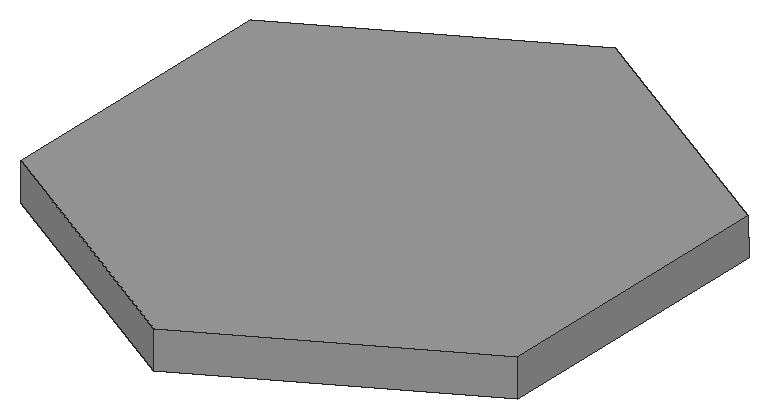
Revit family "Lighting Fixture Generic Model", category Lighting Fixtures, Revit 2022
Family settings
  Round Connector Dimension = Use Diameter
  Part Type = Normal
  OmniClass Number = 23.80.70.00
  OmniClass Title = Lighting
  Work Plane-Based = No
  Always vertical = Yes
  Cut with Voids When Loaded = No
  Light Source = Yes
  Maintain Annotation Orientation = No
  Shared = No
  Room Calculation Point = No
Parameters (values of type "HEX_180W_4000K")
  luminaire = yes
  Wattage Comments = "180W"
  Wattage = 103.001 W
  built-in parameter 1150110 = 1 (stored number, unit not read)
  URL = "https://www.abovealllighting.com/Product/LED-INDOOR-FIXTURE/Pendant/HaxagonLEDLight.html"
  built-in parameter 1114217 = 1 (stored number, unit not read)
  Tilt Angle = 90.00°
  built-in parameter 1150109 = 1 (stored number, unit not read)
  built-in parameter 1150134 = 12
  built-in parameter 1150113 = 1 (stored number, unit not read)
  Power Factor = "0.9"  # constant formula
  Photometric Web File = "HEX-4024-30901.ies"
  Model = "HEX-18047-40901-SMK"
  Manufacturer = "Above All Lighting"  # constant formula
  Lumens = 15300 lm
  built-in parameter 1150115 = 1 (stored number, unit not read)
  built-in parameter 1150105 = 2702.7 (stored number, unit not read)
  Load Classification = Lighting
  built-in parameter 1150137 = (empty or 0)
  built-in parameter 1150139 = (empty or 0)
  built-in parameter 1150112 = 1 (stored number, unit not read)
  built-in parameter 1150114 = 1 (stored number, unit not read)
  Lamp = "LED"
  L = A / 1.732  # 1' - 11.61342"
  Input Voltage = "120-277V, 50/60 Hz"
  built-in parameter 1150132 = 2
  built-in parameter 1150102 = (empty or 0)
  built-in parameter 1150138 = (empty or 0)
  built-in parameter 1150107 = 4000 (stored number, unit not read)
  built-in parameter 1150106 = 27.027 (stored number, unit not read)
  IP Rating = "20"  # constant formula
  built-in parameter 1150104 = 13.8 (stored number, unit not read)
  Dimming Lamp Color Temperature Shift = <None>
  Description = "Hexagon LED Light"
  Default Elevation = 0' - 0"
  Color Filter = 16777215
  CRI = "90"  # constant formula
  built-in parameter 1114218 = 1 (stored number, unit not read)
  B = 2 * A / 1.732  # 3' - 11.22683"
  built-in parameter 1150133 = 10 (stored number, unit not read)
  A = 3' - 4 115/128"
Types (5): name | Wattage Comments | Wattage | Model | Lumens | built-in parameter 1150105 | L | built-in parameter 1150106 | B | A
  (no name) | "180W" | 103.001 W | "HEX-18047-40901-SMK" | 15300 lm | 2702.7 (stored number, unit not read) | 1' - 11.61342" | 27.027 (stored number, unit not read) | 3' - 11.22683" | 3' - 4 115/128"
  HEX_40W_4000K | "40W" | 22.8892 W | "HEX-4024-40901-SMK" | 3400 lm | 600.59 (stored number, unit not read) | 0' - 11.83667" | 6.0059 (stored number, unit not read) | 1' - 11.67334" | 1' - 8.50111"
  HEX_25W_4000K | "25W" | 14.2721 W | "HEX-2519-40901-SMK" | 2120 lm | 374.49 (stored number, unit not read) | 0' - 9.46792" | 3.7449 (stored number, unit not read) | 1' - 6.93584" | 1' - 4 51/128"
  HEX_90W_4000K | "90W" | 51.5006 W | "HEX-9035-40901-SMK" | 7650 lm | 1351.3 (stored number, unit not read) | 1' - 5.72472" | 13.513 (stored number, unit not read) | 2' - 11.44944" | 2' - 6 179/256"
  HEX_180W_4000K | "180W" | 103.001 W | "HEX-18047-40901-SMK" | 15300 lm | 2702.7 (stored number, unit not read) | 1' - 11.61342" | 27.027 (stored number, unit not read) | 3' - 11.22683" | 3' - 4 115/128"
Reference planes (in)
  plane 1 "Light Source Axis (F/B)": y = 0
  plane 2: z = 0
  plane 3 "Light Source Axis (L/R)": x = 0
  plane 4 "Light Source Elevation": z = 54
  plane 5: x = 20.44922
  plane 6: x = -20.44922
  plane 7: y = 23.61342
  plane 8: y = -23.61342
  plane 9: y = 11.80671
  plane 10: y = -11.80671
Forms (in)
  Extrusion 1, solid, not visible
    sketch origin (0, 0, 54) x (1, 0, 0) y (0, 1, 0)
      loop
        line (10.25, 5.91784) -> (0, 11.83568) -> (-10.25, 5.91784) -> (-10.25, -5.91784) -> (0, -11.83568) -> (10.25, -5.91784) -> (10.25, 5.91784)
    from 0 to 3.1
  Extrusion 2, void, not visible
    sketch origin (0, 0, 54) x (1, 0, 0) y (0, 1, 0)
      loop
        line (10.05078, 5.80282) -> (0, 11.60564) -> (-10.05078, 5.80282) -> (-10.05078, -5.80282) -> (0, -11.60564) -> (10.05078, -5.80282) -> (10.05078, 5.80282)
    from 0 to 2
  Extrusion 3, solid, material "Glass, White, High Luminance", not visible
    sketch origin (0, 0, 54) x (1, 0, 0) y (0, 1, 0)
      loop
        line (10.05078, 5.80282) -> (0, 11.60564) -> (-10.05078, 5.80282) -> (-10.05078, -5.80282) -> (0, -11.60564) -> (10.05078, -5.80282) -> (10.05078, 5.80282)
    from 0 to 2
  Extrusion 4, solid, material "Default", visible <- "luminaire"
    sketch origin (0, 0, 54) x (1, 0, 0) y (0, 1, 0)
      loop
        line (-20.44922, 11.8058) -> (-20.44922, -11.80662) -> (0, -23.61383) -> (20.44922, -11.80662) -> (20.44922, 11.8058) -> (0, 23.61301) -> (-20.44922, 11.8058)
    from 0 to 3.1
  Extrusion 5, void
    sketch origin (0, 0, 54) x (1, 0, 0) y (0, 1, 0)
      loop
        line (-20.25, 11.69079) -> (-20.25, -11.69161) -> (0, -23.38378) -> (20.25, -11.69161) -> (20.25, 11.69079) -> (0, 23.38296) -> (-20.25, 11.69079)
    from 0 to 2
  Extrusion 6, solid, material "Glass, White, High Luminance"
    sketch origin (0, 0, 54) x (1, 0, 0) y (0, 1, 0)
      loop
        line (-20.25, 11.69079) -> (-20.25, -11.69161) -> (0, -23.38378) -> (20.25, -11.69161) -> (20.25, 11.69079) -> (0, 23.38296) -> (-20.25, 11.69079)
    from 0 to 2
Cuts and joins
  Extrusion 5 cuts Extrusion 4
Lines and regions (in)
  model lines
    curve 1: line (0, 11.80671, 57.1) -> (0, 11.80671, 54)
    curve 2: line (0, -11.80671, 57.1) -> (0, -11.80671, 54)
Dimensions and locks (in)
  "A": plane 6 to plane 5
  equal spacing: plane 6, plane 3 "Light Source Axis (L/R)", plane 5
  "L": plane 9 to plane 10
  "B": plane 7 to plane 8
  equal spacing: plane 9, plane 1 "Light Source Axis (F/B)", plane 10
  equal spacing: plane 7, plane 1 "Light Source Axis (F/B)", plane 8
  aligned and locked: plane 3 "Light Source Axis (L/R)" to imposter light
  aligned and locked: plane 1 "Light Source Axis (F/B)" to imposter light
  aligned and locked: plane 4 "Light Source Elevation" to imposter light
  aligned and locked: level to plane 2
  aligned and locked: plane 9 to curve 1
  aligned and locked: curve 2 to plane 10
Automatic sketch dimensions
  Extrusion 1 sketch curve to Extrusion 1 sketch curve = 0' - 10 1/4"  (x3)
  Extrusion 1 sketch curve to Extrusion 1 sketch curve = 0' - 5.91784"  (x3)
  Extrusion 1 sketch curve to Extrusion 1 sketch curve = 0' - 11.83568"  (x2)
  Extrusion 2 sketch curve to Extrusion 2 sketch curve = 0' - 10 13/256"  (x3)
  Extrusion 2 sketch curve to Extrusion 2 sketch curve = 0' - 5.80282"  (x3)
  Extrusion 2 sketch curve to Extrusion 2 sketch curve = 0' - 11.60564"  (x2)
  Extrusion 3 sketch curve to Extrusion 3 sketch curve = 0' - 10 13/256"  (x3)
  Extrusion 3 sketch curve to Extrusion 3 sketch curve = 0' - 5.80282"  (x3)
  Extrusion 3 sketch curve to Extrusion 3 sketch curve = 0' - 11.60564"  (x2)
  plane 4 "Light Source Elevation" to curve 2 = 0' - 0"
  plane 4 "Light Source Elevation" to curve 1 = 0' - 0"
  curve 2 to plane 4 "Light Source Elevation" = 0' - 3.1"
  curve 1 to plane 4 "Light Source Elevation" = 0' - 3.1"
  Extrusion 4 sketch curve to plane 6 = 0' - 0"
  Extrusion 4 sketch curve to plane 3 "Light Source Axis (L/R)" = 0' - 0"  (x2)
  Extrusion 4 sketch curve to plane 5 = 0' - 0"
  plane 8 to Extrusion 4 sketch curve = 0' - 0.00041"
  Extrusion 4 sketch curve to plane 10 = 0' - 0.00008"  (x2)
  Extrusion 4 sketch curve to plane 9 = 0' - 0.00091"  (x2)
  Extrusion 4 sketch curve to plane 7 = 0' - 0.00041"
  Extrusion 5 sketch curve to plane 3 "Light Source Axis (L/R)" = 0' - 0"  (x2)
  plane 5 to Extrusion 5 sketch curve = 0' - 0 51/256"
  plane 6 to Extrusion 5 sketch curve = 0' - 0 51/256"
  Extrusion 5 sketch curve to plane 9 = 0' - 0.11592"  (x2)
  Extrusion 5 sketch curve to plane 7 = 0' - 0 59/256"
  Extrusion 5 sketch curve to plane 10 = 0' - 0.1151"  (x2)
  Extrusion 5 sketch curve to plane 8 = 0' - 0.22963"
  Extrusion 6 sketch curve to plane 3 "Light Source Axis (L/R)" = 0' - 0"  (x2)
  plane 5 to Extrusion 6 sketch curve = 0' - 0 51/256"
  Extrusion 6 sketch curve to plane 8 = 0' - 0.22963"
  Extrusion 6 sketch curve to plane 10 = 0' - 0.1151"  (x2)
  Extrusion 6 sketch curve to plane 9 = 0' - 0.11592"  (x2)
  Extrusion 6 sketch curve to plane 7 = 0' - 0 59/256"
  plane 6 to Extrusion 6 sketch curve = 0' - 0 51/256"
